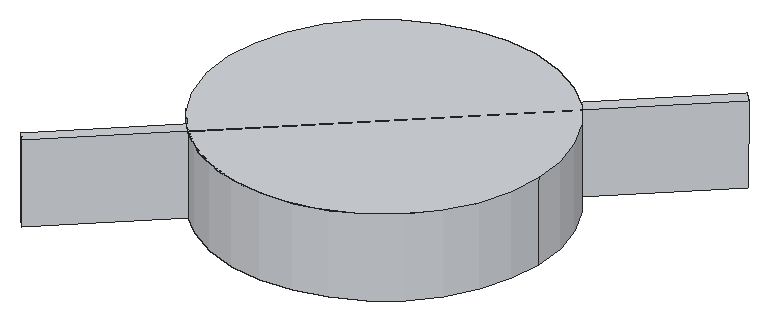
Revit family "電線管用ファミリ(片側のみ)_6", category Electrical Fixtures, Revit 2021
Family settings
  Maintain Annotation Orientation = No
  Round Connector Dimension = Use Diameter
  Part Type = Normal
  OmniClass Number = 23.80.00.00
  OmniClass Title = Electric Power and Lighting
  Work Plane-Based = No
  Always vertical = Yes
  Cut with Voids When Loaded = No
  Shared = No
  Room Calculation Point = No
Parameters
  コネクタ直径 [instance] = 16 mm
  W [instance] = 200 mm
  Default Elevation = 0 mm
  D [instance] = 200 mm
Reference planes
  plane 1 "Center (Front/Back)": y = 0
  plane 2: z = 0
  plane 3 "Center (Left/Right)": x = 0
  plane 4: x = -100
  plane 5: x = 100
  plane 6: y = 100
  plane 7: y = -100
  plane 8: z = 33.685
  plane 9: z = 50
Forms (mm)
  Extrusion 1, solid
    sketch origin (0, 0, 0) x (1, 0, 0) y (0, 1, 0)
      loop
        circle (0, 0) r 100
    from 0 to 50
  Extrusion 2, solid
    sketch origin (0, 0, 0) x (1, 0, 0) y (0, 1, 0)
      loop
        line (-132.86, -126.778) -> (-127.25, -132.388) -> (132.655, 127.518) -> (127.045, 133.128) -> (-132.86, -126.778)
    from 0 to 50
Dimensions and locks
  equal spacing: plane 4, plane 3 "Center (Left/Right)", plane 5
  "W": plane 4 to plane 5
  equal spacing: plane 6, plane 1 "Center (Front/Back)", plane 7
  "D": plane 6 to plane 7
  aligned and locked: level to plane 2
  aligned and locked: plane 9 to Extrusion 1
Automatic sketch dimensions
  plane 1 "Center (Front/Back)" to Extrusion 1 sketch curve = 0 mm
  Extrusion 1 sketch curve to plane 3 "Center (Left/Right)" = 0 mm
  Extrusion 2 sketch curve to plane 7 = 26.778 mm
  Extrusion 2 sketch curve to plane 4 = 27.25 mm
  plane 5 to Extrusion 2 sketch curve = 27.045 mm
  plane 6 to Extrusion 2 sketch curve = 27.518 mm
  plane 5 to Extrusion 2 sketch curve = 32.655 mm
  radius of Extrusion 1 sketch curve = 100 mm
Connectors
  cabletrayconduit at (0, 0, 50), diameter 16
    settings: on Extrusion 1, index 1, connector width 300 mm, connector height 300 mm, connector angle 0.00°, system type 32, placement type 0, profile type 0, connector reference index -1, is primary connector yes, connector utility param no, connector description ""
